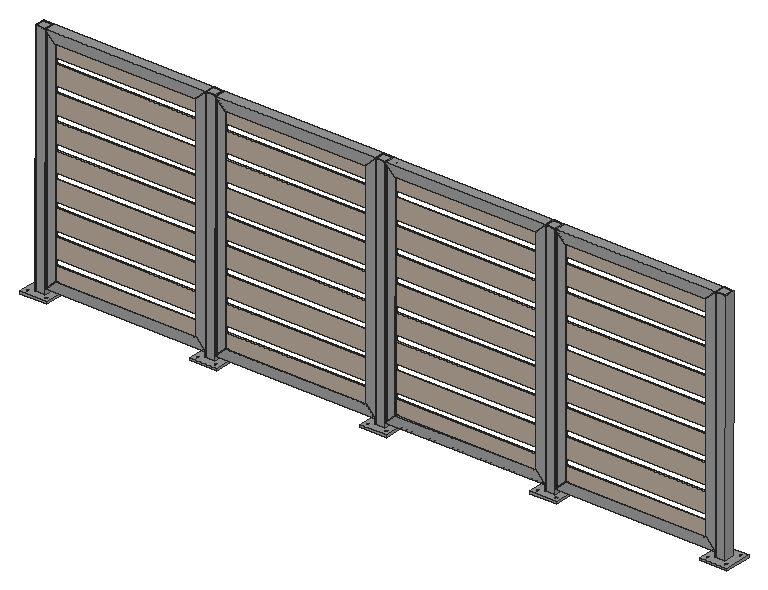
Revit family "SEMI-PRIVATE_VINYL_PLANK_PANEL_ARRAY", category Specialty Equipment, Revit 2026 (continued)
Definition of nested family "Screening-Louver-Assembly-Panel-Palmshield-Tiberius-Vinyl"
  Parameters (values of type "Assembly")
    Default Elevation = 0' - 0"
    Copyright = "Copyright ©2024 The American Fence Company and PalmSHIELD. All Rights Reserved."  # constant formula
    Component Vis [instance] = yes
    Component Name [instance] = "Tiberius - Vinyl - Panel Assembly"  # constant formula
    C Min Width [instance] = 4' - 0"  # constant formula
    C Min Height [instance] = 4' - 0"  # constant formula
    C Max Width [instance] = 6' - 0"  # constant formula
    C Max Height [instance] = 8' - 0"  # constant formula
    C Angle [instance] = if(Desired Bottom Angle > 10.00°, 10.00°, if(Desired Bottom Angle < -10.00°, -10.00°, Desired Bottom Angle))  # 0.00°
    Assembly Code = "F1020100"
  Reference planes (in)
    plane 1 "Center (Front/Back)": y = 0
    plane 2: z = 0
    plane 3 "Center (Left/Right)": x = 0
    plane 4: z = 72
    plane 5: x = 48
    plane 6: y = 3
    plane 7: y = 1.5
  Lines and regions (in)
    reference lines
      curve 1: line (48, 0, 85.95698) -> (48, 0, -11)
      curve 2: line (-20.8931, 0, 72) -> (71.1069, 0, 72)
  Dimensions and locks (in)
    "Desired Overall Height": curve 2 to level
    "Desired Overall Width": curve 1 to plane 3 "Center (Left/Right)"
    "Height": plane 4 to level
    "Width": plane 5 to plane 3 "Center (Left/Right)"
    equal spacing: plane 1 "Center (Front/Back)", plane 7, plane 6
    aligned and locked: plane 2 to level
    aligned and locked: plane 3 "Center (Left/Right)" to nested 1
    aligned and locked: plane 1 "Center (Front/Back)" to nested 1
  Automatic sketch dimensions
    curve 2 to plane 3 "Center (Left/Right)" = 1' - 8.8931"
    plane 5 to curve 2 = 1' - 11.1069"
    curve 1 to level = 0' - 11"
    plane 4 to curve 1 = 1' - 1.95698"
  Nested families (in)
    nested 1: "Screening-Louver-Assembly-Panel-Palmshield-Tiberius-Vinyl" at (0, 0, 0), Desired Bottom Angle <- "Desired Bottom Angle", Desired Overall Height <- "Desired Overall Height", Desired Overall Width <- "Desired Overall Width", ID <- "ID", Component Vis <- "Component Vis", type "Assembly"
      with Width 4' - 0", Louver Length 3' - 8", ID "Not Assigned", Height 6' - 0", Desired Overall Width 4' - 0", Desired Overall Height 6' - 0", Desired Bottom Angle 0.00°, Component Vis yes, Component Name "Tiberius - Vinyl - Panel Assembly", C Top Post Length 4' - 0", C Straight Corner Angle 45.00°, C Slope Angle Neg 0.00°, C Slope Angle 0.00°, C Side Frame Width 0' - 3", C Side Adjustment 0' - 0", C Rib Thickness Bottom Offset 0' - 0 1/4", C Rib Bottom Side Offset 0' - 0", C Louver Offset 0' - 1", C Louver Count 9, C Infill Angle Width Right 0' - 0", C Infill Angle Width Left 0' - 1", C Infill Angle Offset 0' - 0 1/4", C Hip 4' - 0", C Frame Offset 0' - 2", C Corner Offset 0' - 0", C B-Side Post Length 6' - 0", C B-Side Angle 45.00°, C Angle 90.00°, C A-Side Post Length 6' - 0", C A-Side Angle 45.00°
    nested 2: "Nested-Louvers-Palmshield-Tiberius-Vinly" at (2, 1.19, 24.5) x (0, -1, 0) z (1, 0, 0), type "VINYL INFILL SLATS"
      with Material none, Length 3' - 8", ID "Not Assigned", Component Name "Tiberius - Vinyl - Infill Slat"
    nested 3: "Nested-Louvers-Palmshield-Tiberius-Vinly" at (2, 1.19, 32.25) x (0, -1, 0) z (1, 0, 0), type "VINYL INFILL SLATS"
      with Material none, Length 3' - 8", ID "Not Assigned", Component Name "Tiberius - Vinyl - Infill Slat"
    nested 4: "Nested-Louvers-Palmshield-Tiberius-Vinly" at (2, 1.19, 40) x (0, -1, 0) z (1, 0, 0), type "VINYL INFILL SLATS"
      with Material none, Length 3' - 8", ID "Not Assigned", Component Name "Tiberius - Vinyl - Infill Slat"
    nested 5: "Nested-Louvers-Palmshield-Tiberius-Vinly" at (2, 1.19, 47.75) x (0, -1, 0) z (1, 0, 0), type "VINYL INFILL SLATS"
      with Material none, Length 3' - 8", ID "Not Assigned", Component Name "Tiberius - Vinyl - Infill Slat"
    nested 6: "Nested-Louvers-Palmshield-Tiberius-Vinly" at (2, 1.19, 55.5) x (0, -1, 0) z (1, 0, 0), type "VINYL INFILL SLATS"
      with Material none, Length 3' - 8", ID "Not Assigned", Component Name "Tiberius - Vinyl - Infill Slat"
    nested 7: "Nested-Louvers-Palmshield-Tiberius-Vinly" at (2, 1.19, 63.25) x (0, -1, 0) z (1, 0, 0), type "VINYL INFILL SLATS"
      with Material none, Length 3' - 8", ID "Not Assigned", Component Name "Tiberius - Vinyl - Infill Slat"
    nested 8: "Nested-Louvers-Palmshield-Tiberius-Vinly" at (2, 1.19, 9) x (0, -1, 0) z (1, 0, 0), type "VINYL INFILL SLATS"
      with Material none, Length 3' - 8", ID "Not Assigned", Component Name "Tiberius - Vinyl - Infill Slat"
    nested 9: "Nested-Louvers-Palmshield-Tiberius-Vinly" at (2, 1.19, 71) x (0, -1, 0) z (1, 0, 0), type "VINYL INFILL SLATS"
      with Material none, Length 3' - 8", ID "Not Assigned", Component Name "Tiberius - Vinyl - Infill Slat"
    nested 10: "Nested-L_Frame-Palmshield-Tiberius" at (48, 0, 72) x (0, 1, 0) z (0, 0, -1), type "ALUM L 3" X 3" X 1/4""
      with Material none, Length 4' - 0", ID "Not Assigned", Component Name "Tiberius - Aluminum - L Frame", B-Side Cut Angle 45.00°, A-Side Cut Angle 45.00°
    nested 11: "Nested-L_Frame-Palmshield-Tiberius" at (0, 0, 72) x (0, 1, 0) z (1, 0, 0), type "ALUM L 3" X 3" X 1/4""
      with Material none, Length 5' - 10", ID "Not Assigned", Component Name "Tiberius - Aluminum - L Frame", B-Side Cut Angle 45.00°, A-Side Cut Angle 45.00°
    nested 12: "Nested-L_Frame-Palmshield-Tiberius" at (48, 0, 2) x (0, 1, 0) z (-1, 0, 0), type "ALUM L 3" X 3" X 1/4""
      with Material none, Length 5' - 10", ID "Not Assigned", Component Name "Tiberius - Aluminum - L Frame", B-Side Cut Angle 45.00°, A-Side Cut Angle 45.00°
    nested 13: "Nested-L_Frame-Palmshield-Tiberius" at (0, 0, 2) x (0, 1, 0) z (0, 0, 1), type "ALUM L 3" X 3" X 1/4""
      with Material none, Length 4' - 0", ID "Not Assigned", Component Name "Tiberius - Aluminum - L Frame", B-Side Cut Angle 45.00°, A-Side Cut Angle 45.00°
    nested 14: "Nested-Louvers-Palmshield-Tiberius-Vinly" at (2, 1.19, 16.75) x (0, -1, 0) z (1, 0, 0), type "VINYL INFILL SLATS"
      with Material none, Length 3' - 8", ID "Not Assigned", Component Name "Tiberius - Vinyl - Infill Slat"
    nested 15: "Nested-Flat_Bar_Infill Retainer-Tiberius-Aluminum" at (46.75, 1.375, 2.25) x (-1, 0, 0) z (0, 0, 1), type "2" x 1/4""
      with Width 0' - 2", Thickness 0' - 0 1/4", Material none, Length 5' - 9 1/2", ID "", Component Name "Tiberius -Aluminum - Flat Bar Infill Retainer", C Angle B 0.00°, C Angle A 0.00°, A-Side Cut Angle 0.00°
    nested 16: "Nested-Flat_Bar_Infill Retainer-Tiberius-Aluminum" at (1.25, 1.375, 2.25), type "2" x 1/4""
      with Width 0' - 2", Thickness 0' - 0 1/4", Material none, Length 5' - 9 1/2", ID "", Component Name "Tiberius -Aluminum - Flat Bar Infill Retainer", C Angle B 0.00°, C Angle A 0.00°, A-Side Cut Angle 0.00°
  Definition of nested family "Nested-Louvers-Palmshield-Tiberius-Vinly"
    Parameters (values of type "VINYL INFILL SLATS")
      Width = 0' - 6"  # constant formula
      Warranty URL = "https://palmshieldlouvers.com/wp-content/uploads/2020/01/PalmSHIELD-Warranty-NO-SIGN-LINE.pdf"
      Version = "2020 - v1.0a"  # constant formula
      URL = "https://palmshieldlouvers.com/"
      Thickness = 0' - 0 1/2"  # constant formula
      Product Page URL = "https://palmshieldlouvers.com/products/semi-private-screening/"
      Product Documentation Link = "http://palmshieldlouvers.com/wp-content/uploads/2020/05/PalmSHIELD-Semi-Private-Composite-Technical-Data-Sheet.pdf"
      Model = "Tiberius - Vinyl"  # constant formula
      Material [instance] = none
      Manufacturer Phone Number = "531-329-4406 "  # constant formula
      Manufacturer Fax Number = "Consult Manufacturer Website for More Information"  # constant formula
      Manufacturer Email = "mailto: info@palmshieldlouvers.com"
      Manufacturer Address = "12330 Cary Circle, La Vista, NE 68128"  # constant formula
      Manufacturer = "PalmSHIELD"  # constant formula
      Length [instance] = 4' - 4.86713"
      Keynote = "05 10 00"
      Instruction Sheet Link = "http://palmshieldlouvers.com/wp-content/uploads/2020/01/PalmSHIELD-Post-Panel-Gate-Installation-Instructions-REV-1.pdf"
      ID [instance] = ""
      Description = "Tiberius - Vinyl - Louvers"  # constant formula
      Default Elevation = 4' - 0"
      Copyright = "Copyright ©2024 The American Fence Company and PalmSHIELD. All Rights Reserved."  # constant formula
      Component Name [instance] = "Tiberius - Vinyl - Infill Slat"  # constant formula
      Assembly Code = "F1020100"
    Reference planes (in)
      plane 1 "Center (Front/Back)": y = 0
      plane 2: z = 0
      plane 3 "Center (Left/Right)": x = 0
      plane 4: z = 52.86713
      plane 5: y = 6
    Forms (in)
      Extrusion 1, solid
        sketch origin (0, 0, 0) x (1, 0, 0) y (0, 1, 0)
          loop
            line (-48, 48) -> (-48, -48) -> (48, -48) -> (48, 48) -> (-48, 48)
        from 0 to -12
      Sweep 2, solid, material <- "Material"
        path origin (0, 0, 0) x (0, 1, 0) y (0, 0, 1)
          loop
            line (0, 0) -> (0, 52.86713)
        profile "Profile-Palmshield-Louver : 1" X 5" RECT TUBE INFILL SLATS" origin (0, 0, 26.43357) x (0, -1, 0) y (1, 0, 0)
          loop
            line (-6, 0) -> (0, 0) -> (0, 0.5) -> (-6, 0.5) -> (-6, 0)
    Dimensions and locks (in)
      "Length": plane 4 to plane 2
      "Width": plane 5 to plane 1 "Center (Front/Back)"
      aligned and locked: plane 2 to Extrusion 1
      aligned and locked: level to Extrusion 1
      aligned and locked: plane 1 "Center (Front/Back)" to Sweep 2 sketch curve
      aligned and locked: plane 4 to Sweep 2 sketch curve
    Automatic sketch dimensions
      Extrusion 1 sketch curve to Extrusion 1 sketch curve = 8' - 0"  (x2)
      Sweep 2 sketch curve to level = 0' - 0"
  Definition of nested family "Nested-L_Frame-Palmshield-Tiberius"
    Parameters (values of type "ALUM L 3" X 3" X 1/4"")
      Width = 0' - 3"  # constant formula
      Warranty URL = "https://palmshieldlouvers.com/wp-content/uploads/2020/01/PalmSHIELD-Warranty-NO-SIGN-LINE.pdf"
      Version = "2020 - v1.0a"  # constant formula
      URL = "https://palmshieldlouvers.com/"
      Thickness = 0' - 0 1/4"  # constant formula
      Product Page URL = "https://palmshieldlouvers.com/products/semi-private-screening/"
      Product Documentation Link = "http://palmshieldlouvers.com/wp-content/uploads/2020/05/PalmSHIELD-Semi-Private-Composite-Technical-Data-Sheet.pdf"
      Model = "Tiberius"  # constant formula
      Material [instance] = none
      Manufacturer Phone Number = "531-329-4406 "  # constant formula
      Manufacturer Fax Number = "Consult Manufacturer Website for More Information"  # constant formula
      Manufacturer Email = "mailto: info@palmshieldlouvers.com"
      Manufacturer Address = "12330 Cary Circle, La Vista, NE 68128"  # constant formula
      Manufacturer = "PalmSHIELD"  # constant formula
      Length [instance] = 4' - 4.86713"
      Keynote = "05 10 00"
      Instruction Sheet Link = "http://palmshieldlouvers.com/wp-content/uploads/2020/01/PalmSHIELD-Post-Panel-Gate-Installation-Instructions-REV-1.pdf"
      ID [instance] = ""
      Description = "Tiberius - L Frame"  # constant formula
      Default Elevation = 4' - 0"
      Copyright = "Copyright ©2024 The American Fence Company and PalmSHIELD. All Rights Reserved."  # constant formula
      Component Name [instance] = "Tiberius - Aluminum - L Frame"  # constant formula
      C Hole Offset = 0' - 1 1/2"  # constant formula
      B-Side Cut Angle [instance] = 45.00°
      Assembly Code = "F1020100"
      A-Side Cut Angle [instance] = 45.00°
    Reference planes (in)
      plane 1 "Center (Front/Back)": y = 0
      plane 2: z = 0
      plane 3 "Center (Left/Right)": x = 0
      plane 4: x = 3
      plane 5: y = -52.86713
      plane 6: z = 3
    Forms (in)
      Extrusion 1, solid
        sketch origin (0, 0, 0) x (1, 0, 0) y (0, 1, 0)
          loop
            line (-48, 48) -> (-48, -48) -> (48, -48) -> (48, 48) -> (-48, 48)
        from 0 to -12
      Sweep 2, solid, material <- "Material"
        path origin (0, 0, 0) x (0, 1, 0) y (0, 0, 1)
          loop
            line (0, 0) -> (-52.86713, 0)
        profile "Profile-Palmshield-L : AL L3" X 3" X 1/4" - 6061-T6" origin (0, -26.43357, 0) x (0, 0, -1) y (1, 0, 0)
          loop
            line (-0.3125, 0.25) -> (-2.875, 0.25)
            arc (-2.875, 0.25) -> (-2.96339, 0.21339) -> (-3, 0.125) r 0.125
            line (-3, 0.125) -> (-3, 0) -> (0, 0) -> (0, 3) -> (-0.125, 3)
            arc (-0.125, 3) -> (-0.21339, 2.96339) -> (-0.25, 2.875) r 0.125
            line (-0.25, 2.875) -> (-0.25, 0.3125)
            arc (-0.25, 0.3125) -> (-0.26831, 0.26831) -> (-0.3125, 0.25) r 0.0625
      Extrusion 3, void
        sketch origin (0, 0, 0) x (0, 1, 0) y (0, 0, 1)
          loop
            line (-3, 3) -> (0, 0) -> (4.7449, 0) -> (4.7449, 3) -> (-3, 3)
          loop
            line (-57.61203, 3) -> (-57.61203, 0) -> (-52.86713, 0) -> (-49.86713, 3) -> (-57.61203, 3)
        from 0 to 3
    Cuts and joins
      Extrusion 3 cuts Sweep 2
    Dimensions and locks (in)
      "Width": plane 3 "Center (Left/Right)" to plane 4
      "Length": plane 1 "Center (Front/Back)" to plane 5
      "Width": plane 6 to plane 2
      locked: Extrusion 3 sketch curve to plane 1 "Center (Front/Back)" at 4.7449
      locked: plane 5 to Extrusion 3 sketch curve at 4.7449
      "B-Side Cut Angle": angle Extrusion 3 sketch curve to plane 1 "Center (Front/Back)"
      "A-Side Cut Angle": angle plane 5 to Extrusion 3 sketch curve
      aligned and locked: plane 2 to Extrusion 1
      aligned and locked: level to Extrusion 1
      aligned and locked: plane 1 "Center (Front/Back)" to Sweep 2 sketch curve
      aligned and locked: plane 5 to Sweep 2 sketch curve
      aligned and locked: Extrusion 3 sketch curve to plane 6
      aligned and locked: level to Extrusion 3 sketch curve
      aligned and locked: plane 6 to Extrusion 3 sketch curve
      aligned and locked: Extrusion 3 sketch curve to plane 2
      aligned and locked: plane 1 "Center (Front/Back)" to Extrusion 3 sketch curve
      aligned and locked: plane 2 to Extrusion 3 sketch curve
      aligned and locked: plane 5 to Extrusion 3 sketch curve
      aligned and locked: Extrusion 3 to plane 3 "Center (Left/Right)"
      aligned and locked: Extrusion 3 to plane 4
    Automatic sketch dimensions
      Extrusion 1 sketch curve to Extrusion 1 sketch curve = 8' - 0"  (x2)
      Sweep 2 sketch curve to level = 0' - 0"
  Definition of nested family "Nested-Flat_Bar_Infill Retainer-Tiberius-Aluminum"
    Parameters (values of type "2" x 1/4"")
      Width [instance] = 0' - 2"  # constant formula
      Warranty URL = "https://palmshieldlouvers.com/wp-content/uploads/2020/01/PalmSHIELD-Warranty-NO-SIGN-LINE.pdf"
      Version = "2020 - v1.0a"  # constant formula
      URL = "https://palmshieldlouvers.com/"
      Thickness [instance] = 0' - 0 1/4"  # constant formula
      Product Page URL = "https://palmshieldlouvers.com/products/louvers/#atlas"
      Product Documentation Link = "http://palmshieldlouvers.com/wp-content/uploads/2020/05/PalmSHIELD-Semi-Private-Composite-Technical-Data-Sheet.pdf"
      Model = "Tiberius - Aluminum"  # constant formula
      Material [instance] = none
      Manufacturer Phone Number = "531-329-4406 "  # constant formula
      Manufacturer Fax Number = "Consult Manufacturer Website for More Information"  # constant formula
      Manufacturer Email = "mailto: info@palmshieldlouvers.com"
      Manufacturer Address = "12330 Cary Circle, La Vista, NE 68128"  # constant formula
      Manufacturer = "PalmSHIELD"  # constant formula
      Length [instance] = 4' - 4.86713"
      Keynote = "05 10 00"
      Instruction Sheet Link = "http://palmshieldlouvers.com/wp-content/uploads/2020/01/PalmSHIELD-Post-Panel-Gate-Installation-Instructions-REV-1.pdf"
      ID [instance] = ""
      Description = "Tiberius - Aluminum - Flat Bar Infill Retainer"  # constant formula
      Default Elevation = 4' - 0"
      Copyright = "Copyright ©2024 The American Fence Company and PalmSHIELD. All Rights Reserved."  # constant formula
      Component Name [instance] = "Tiberius -Aluminum - Flat Bar Infill Retainer"  # constant formula
      C Angle B [instance] = if([A-Side Cut Angle] > 0.00°, [A-Side Cut Angle], 0.00°)  # 25.00°
      C Angle A [instance] = if([A-Side Cut Angle] < 0.00°, -[A-Side Cut Angle], 0.00°)  # 0.00°
      Assembly Code = "F1020100"
      A-Side Cut Angle [instance] = 25.00°
    Reference planes (in)
      plane 1 "Center (Front/Back)": y = 0
      plane 2: z = 0
      plane 3 "Center (Left/Right)": x = 0
      plane 4: z = 52.86713
      plane 5: x = 1
      plane 6: x = -1
    Forms (in)
      Extrusion 1, solid
        sketch origin (0, 0, 0) x (1, 0, 0) y (0, 1, 0)
          loop
            line (-48, 48) -> (-48, -48) -> (48, -48) -> (48, 48) -> (-48, 48)
        from 0 to -12
      Sweep 2, solid, material <- "Material"
        path origin (0, 0, 0) x (0, 1, 0) y (0, 0, 1)
          loop
            line (0, -0.72445) -> (0, 52.86713)
        profile "Profile-Palmshield-Flat Bar Infill Retainer : 2" x 1/4"" origin (0, 0, 26.07134) x (0, -1, 0) y (1, 0, 0)
          loop
            line (-0.25, -1) -> (0, -1) -> (0, 1) -> (-0.25, 1) -> (-0.25, -1)
      Extrusion 3, void
        sketch origin (0, 0, 0) x (1, 0, 0) y (0, 0, 1)
          loop
            line (1, 0) -> (-20.33743, 0) -> (-20.33743, -5) -> (1, -5) -> (1, 0)
        from -4.89794 to 5.53781
      Extrusion 4, void
        sketch origin (0, 0, 0) x (-1, 0, 0) y (0, 0, -1)
          loop
            line (1, 0) -> (1, 5) -> (-20.33743, 5) -> (-20.33743, -9.9498) -> (1, 0)
        from -9.92538 to 12
    Cuts and joins
      Extrusion 3, Extrusion 4 cuts Sweep 2
    Dimensions and locks (in)
      "Length": plane 4 to plane 2
      equal spacing: plane 5, plane 3 "Center (Left/Right)", plane 6
      "Width": plane 5 to plane 6
      locked: Extrusion 1 to Sweep 2 sketch curve at 0.72445
      "C Angle A": angle Extrusion 3 sketch curve to plane 2
      "C Angle B": angle plane 2 to Extrusion 4 sketch curve
      aligned and locked: plane 2 to Extrusion 1
      aligned and locked: level to Extrusion 1
      aligned and locked: plane 1 "Center (Front/Back)" to Sweep 2 sketch curve
      aligned and locked: plane 4 to Sweep 2 sketch curve
      aligned and locked: plane 5 to Extrusion 3 sketch curve
      aligned and locked: plane 2 to Extrusion 3 sketch curve
      aligned and locked: plane 6 to Extrusion 4 sketch curve
      aligned and locked: plane 2 to Extrusion 4 sketch curve
    Automatic sketch dimensions
      Extrusion 1 sketch curve to Extrusion 1 sketch curve = 8' - 0"  (x2)
      Extrusion 3 sketch curve to level = 0' - 5"
      Extrusion 3 sketch curve to plane 6 = 1' - 7.33743"
      level to Extrusion 4 sketch curve = 0' - 5"
      Extrusion 4 sketch curve to plane 5 = 1' - 7.33743"
